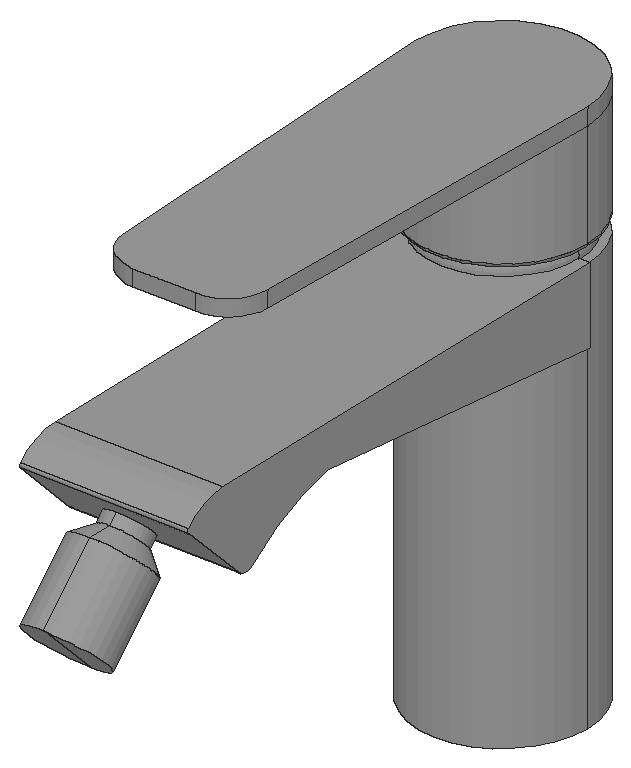
Revit family "BD URBAN ANTIQUE BRONZE", category Plumbing Fixtures, Revit 2019
Family settings
  Round Connector Dimension = Use Diameter
  Part Type = Normal
  OmniClass Number = 23.45.00.00
  OmniClass Title = Sanitary, Laundry, and Cleaning Equipment
  Work Plane-Based = No
  Always vertical = Yes
  Cut with Voids When Loaded = No
  Shared = No
  Room Calculation Point = No
Reference planes
  plane 1 "Center (Front/Back)": y = 0
  plane 2: z = 0
  plane 3 "Center (Left/Right)": x = 0
Forms (mm)
  Revolve 1, solid
    sketch origin (0, 0, 0) x (1, 0, 0) y (0, 0, 1)
      loop
        line (0, 0) -> (21, 0) -> (21, 102.5) -> (18.733, 102.5)
        arc (18.733, 102.5) -> (18.612, 104.438) -> (17.459, 106) r 3.429
        line (17.459, 106) -> (20.103, 106)
        arc (20.103, 106) -> (20.737, 106.263) -> (21, 106.897) r 0.897
        line (21, 106.897) -> (21, 133) -> (0, 133) -> (0, 0)
      axis (0, 0) -> (0, 133)
    angle from 0 to 360
  Extrusion 2, solid
    sketch origin (0, 0, 0) x (0, 1, 0) y (0, 0, 1)
      loop
        line (0, 102.92) -> (-112.862, 102.92)
        arc (-112.862, 102.92) -> (-118.675, 101.748) -> (-123.58, 98.415) r 15
        arc (-123.58, 98.415) -> (-123.793, 97.887) -> (-123.574, 97.363) r 0.748
        line (-123.574, 97.363) -> (-108.447, 82.236)
        arc (-108.447, 82.236) -> (-105.95, 81.155) -> (-103.39, 82.075) r 3.697
        arc (-103.39, 82.075) -> (-92.741, 88.99) -> (-80.553, 92.547) r 43.643
        line (-80.553, 92.547) -> (0, 84.08) -> (0, 102.92)
    from -19.774 to 21.524
  Extrusion 3, solid
    sketch origin (0, 0, 0) x (1, 0, 0) y (0, 1, 0)
      loop
        line (-21, 0) -> (-17.705, -94.349)
        arc (-17.705, -94.349) -> (-14.658, -101.193) -> (-7.711, -104) r 10
        line (-7.711, -104) -> (7.711, -104)
        arc (7.711, -104) -> (14.658, -101.193) -> (17.705, -94.349) r 10
        line (17.705, -94.349) -> (21, 0)
        arc (21, 0) -> (0, 21) -> (-21, 0) r 21
    from 133 to 137.025
  Revolve 4, solid
    sketch origin (0, 4.031, -4.031) x (0, 1, 0) y (0, 0, 1)
      loop
        line (-118.715, 92.503) -> (-122.745, 96.534) -> (-124.867, 94.413) -> (-130.948, 94.413) -> (-145.231, 80.129) -> (-138.16, 73.058) -> (-121.897, 89.321) -> (-120.836, 90.382) -> (-118.715, 92.503)
      axis (-138.16, 73.058) -> (-118.715, 92.503)
    angle from 0 to 360
Cuts and joins
  joined: Revolve 1, Extrusion 2
Dimensions and locks
  aligned and locked: level to plane 2
